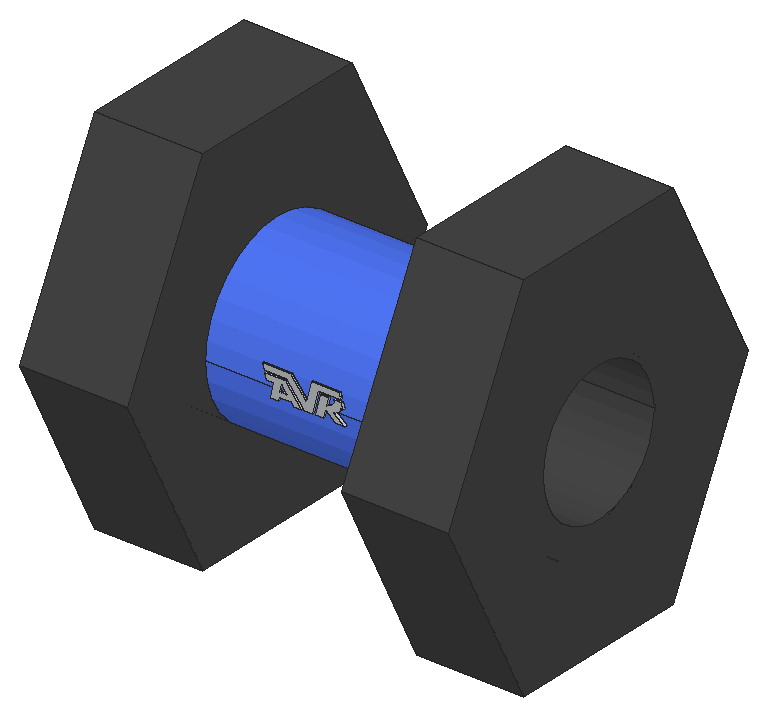
Revit family "631-00-001-DN50-700", category Pipe Accessories, Revit 2019
Family settings
  Round Connector Dimension = Use Diameter
  Part Type = Valve - Breaks Into
  Work Plane-Based = No
  Always vertical = No
  Cut with Voids When Loaded = No
  Shared = No
Parameters (values of type "DN080_PN 16")
  Seal_range_ref = Seal_range * 2  # 94.00 mm
  Seal_range = size_lookup(Search_table, "Seal_range", 0.00 mm, DN) / 2  # 47.00 mm
  L_ref = L / 2  # 134.00 mm
  L = size_lookup(Search_table, "L", 0.00 mm, DN)  # 268.00 mm
  ID = size_lookup(Search_table, "DN", 0.00 mm, DN) / 2  # 40.00 mm
  H3_Ref = Seal_range + Body_wallthickness + 5.00 mm  # 62.00 mm
  H3 = size_lookup(Search_table, "H3", 0.00 mm, DN) / 2  # 100.00 mm
  DN = 80.00 mm
  Flange_thickness = size_lookup(Search_table, "Flange_Thickness", 0.00 mm, DN) / 2  # 9.50 mm
  Description_ = "AVK SUPA MAXI™ STRAIGHT COUPLING"
  DN_ref = Seal_range - 3.00 mm  # 44.00 mm
  DN700_PN16 = "631-745-00-6"
  DN600_PN16 = "631-652-00-6"
  DN500_PN16 = "631-552-00-6"
  DN400_PN16 = "631-442-00-6"
  DN150_PN16 = "631-188-00-6"
  DN125_PN16 = "631-161-00-6"
  DN080_PN 16 = "631-106-00-6"
  DN065_PN16 = "631-091-00-6"
  DN450_PN16 = "631-510-00-6"
  DN350_PN16 = "631-396-00-6"
  DN050_PN16 = "631-071-00-6"
  DN300_PN16 = "631-356-00-6"
  DN250_PN16 = "631-301-00-6"
  DN225_PN16 = "631-257-00-6"
  DN100_PN16 = "631-133-00-6"
  Search_table = "631-00-001-DN50-700"
  DN200_PN16 = "631-227-00-6"
  D = size_lookup(Search_table, "D", 0.00 mm, DN)  # 235.00 mm
  URL product pages = "https://www.avkvalves.com/P.aspx?no=631071006"
  Body_wallthickness = 10.00 mm  # constant formula
Types (17, lengths in mm): name | Seal_range_ref | Seal_range | L_ref | L | ID | H3_Ref | H3 | DN | Flange_thickness | DN_ref | D
  (no name) | 94.00 | 47.00 | 134.00 | 268.00 | 40.00 | 62.00 | 100.00 | 80.00 | 9.50 | 44.00 | 235.00
  DN050_PN16 | 60.00 | 30.00 | 127.50 | 255.00 | 25.00 | 45.00 | 82.50 | 50.00 | 9.50 | 27.00 | 200.00
  DN065_PN16 | 80.00 | 40.00 | 132.50 | 265.00 | 32.50 | 55.00 | 92.50 | 65.00 | 9.50 | 37.00 | 226.00
  DN080_PN 16 | 94.00 | 47.00 | 134.00 | 268.00 | 40.00 | 62.00 | 100.00 | 80.00 | 9.50 | 44.00 | 235.00
  DN100_PN16 | 119.00 | 59.50 | 144.50 | 289.00 | 50.00 | 74.50 | 114.50 | 100.00 | 9.50 | 56.50 | 268.00
  DN125_PN16 | 146.00 | 73.00 | 138.50 | 277.00 | 62.50 | 88.00 | 100.00 | 125.00 | 9.50 | 70.00 | 285.00
  DN150_PN16 | 174.00 | 87.00 | 157.00 | 314.00 | 75.00 | 102.00 | 114.50 | 150.00 | 9.50 | 84.00 | 340.00
  DN200_PN16 | 210.00 | 105.00 | 177.00 | 354.00 | 100.00 | 120.00 | 142.50 | 200.00 | 9.50 | 102.00 | 389.00
  DN225_PN16 | 241.00 | 120.50 | 195.00 | 390.00 | 112.50 | 135.50 | 142.50 | 225.00 | 10.00 | 117.50 | 437.00
  DN250_PN16 | 284.00 | 142.00 | 190.50 | 381.00 | 125.00 | 157.00 | 171.50 | 250.00 | 11.00 | 139.00 | 476.00
  DN300_PN16 | 335.00 | 167.50 | 219.00 | 438.00 | 150.00 | 182.50 | 203.00 | 300.00 | 12.25 | 164.50 | 545.00
  DN350_PN16 | 376.00 | 188.00 | 256.50 | 513.00 | 175.00 | 203.00 | 171.50 | 350.00 | 13.25 | 185.00 | 612.00
  DN400_PN16 | 417.00 | 208.50 | 263.00 | 526.00 | 200.00 | 223.50 | 203.00 | 400.00 | 14.00 | 205.50 | 661.00
  DN450_PN16 | 479.00 | 239.50 | 383.50 | 767.00 | 225.00 | 254.50 | 241.50 | 450.00 | 15.00 | 236.50 | 740.00
  DN500_PN16 | 525.00 | 262.50 | 384.50 | 769.00 | 250.00 | 277.50 | 270.00 | 500.00 | 15.75 | 259.50 | 772.00
  DN600_PN16 | 628.00 | 314.00 | 383.50 | 767.00 | 300.00 | 329.00 | 298.50 | 600.00 | 15.75 | 311.00 | 872.00
  DN700_PN16 | 723.00 | 361.50 | 372.50 | 745.00 | 350.00 | 376.50 | 330.00 | 700.00 | 18.00 | 358.50 | 991.00
Reference planes
  plane 1 "Center (Front/Back)": y = 0
  plane 2: z = 0
  plane 3 "Center (Left/Right)": x = 0
  plane 4: y = 117.5
  plane 5: y = -117.5
  plane 6: through (0, 0, 0) normal (0, 0.7071, 0.7071)
  plane 7: through (0, 0, 0) normal (0, 0.7071, -0.7071)
  plane 8: z = 117.5
  plane 9: z = -117.5
  plane 10: y = 58.75
  plane 11: y = -58.75
  plane 12: x = 122.5
  plane 13: x = -134
  plane 14: x = -135.098
  plane 15: x = -67
  plane 16: x = 134
  plane 17: x = 135
  plane 18: x = 67.5
Forms (mm)
  Revolve 1, solid, material "Plastic"
    sketch origin (0, 0, 0) x (1, 0, 0) y (0, 1, 0)
      loop
        line (-124.5, 57) -> (-124.5, 62) -> (-134, 62) -> (-134, 47) -> (134, 47) -> (134, 62) -> (124.5, 62) -> (124.5, 57) -> (-124.5, 57)
      axis (-134, 0) -> (134, 0)
    angle from 0 to 360
  Extrusion 2, solid, material "Aluminum 1100-O"
    sketch origin (0, 0, 0) x (0, 1, 0) y (0, 0, 1)
      loop
        line (117.5, 0) -> (58.75, 117.5) -> (-58.75, 117.5) -> (-117.5, 0) -> (-58.75, -117.5) -> (58.75, -117.5) -> (117.5, 0)
      loop
        circle (0, 0) r 44
    from -135.098 to -67
  Extrusion 3, solid, material "Aluminum 1100-O"
    sketch origin (0, 0, 0) x (0, 1, 0) y (0, 0, 1)
      loop
        line (117.5, 0) -> (58.75, 117.5) -> (-58.75, 117.5) -> (-117.5, 0) -> (-58.75, -117.5) -> (58.75, -117.5) -> (117.5, 0)
      loop
        circle (0, 0) r 44
    from 67.5 to 135
Dimensions and locks
  equal spacing: Revolve 1 sketch curve, plane 3 "Center (Left/Right)", Revolve 1 sketch curve
  "L": Revolve 1 sketch curve to Revolve 1 sketch curve
  "Seal_range": plane 1 "Center (Front/Back)" to Revolve 1 sketch curve
  "Body_wallthickness": Revolve 1 sketch curve to Revolve 1 sketch curve
  "Flange_thickness": Revolve 1 sketch curve to Revolve 1 sketch curve  (x2)
  equal spacing: plane 4, plane 1 "Center (Front/Back)", plane 5
  "D": plane 4 to plane 5
  equal spacing: plane 8, level, plane 9
  "D": plane 8 to plane 9
  equal spacing: plane 10, plane 1 "Center (Front/Back)", plane 11
  equal spacing: plane 4, plane 10, plane 1 "Center (Front/Back)"
  locked: plane 13 to plane 14 at 1.098
  equal spacing: plane 3 "Center (Left/Right)", plane 15, plane 13
  "H3_Ref": plane 1 "Center (Front/Back)" to Revolve 1 sketch curve
  "L_ref": plane 3 "Center (Left/Right)" to plane 13
  "L_ref": plane 16 to plane 3 "Center (Left/Right)"
  locked: plane 17 to plane 16 at 1
  equal spacing: plane 17, plane 18, plane 3 "Center (Left/Right)"
  plane 16 to plane 13 = 268.00 mm
  plane 8 to plane 9 = 235.00 mm
  "DN_ref": radius of Extrusion 2 sketch curve
  equal spacing: plane 1 "Center (Front/Back)", plane 7, level
  equal spacing: level, plane 6, plane 1 "Center (Front/Back)"
  aligned and locked: level to plane 2
  aligned and locked: plane 1 "Center (Front/Back)" to Revolve 1 sketch curve
  aligned and locked: plane 8 to Extrusion 2 sketch curve  (x2)
  aligned and locked: plane 10 to Extrusion 2 sketch curve
  aligned and locked: plane 11 to Extrusion 2 sketch curve
  aligned and locked: level to Extrusion 2 sketch curve  (x2)
  aligned and locked: plane 5 to Extrusion 2 sketch curve
  aligned and locked: plane 9 to Extrusion 2 sketch curve  (x2)
  aligned and locked: Extrusion 2 sketch curve to plane 11
  aligned and locked: Extrusion 2 sketch curve to plane 10
  aligned and locked: plane 4 to Extrusion 2 sketch curve
  aligned and locked: Extrusion 2 to plane 14
  aligned and locked: Extrusion 2 to plane 15
  aligned and locked: plane 3 "Center (Left/Right)" to nested 1
  aligned and locked: Revolve 1 sketch curve to Revolve 1 sketch curve
  aligned and locked: Extrusion 3 sketch curve to Extrusion 2  (x8)
  aligned and locked: plane 17 to Extrusion 3
  aligned and locked: Extrusion 3 to plane 18
Automatic sketch dimensions
  Extrusion 2 sketch curve to level = 0.00 mm
  Extrusion 2 sketch curve to plane 1 "Center (Front/Back)" = 0.00 mm
  Revolve 1 sketch curve to plane 3 "Center (Left/Right)" = 24.00 mm
  plane 3 "Center (Left/Right)" to Revolve 1 sketch curve = 41.00 mm
Nested families
  nested 1: "LOGO - Copy - Copy.0001" at (0, -54.917, -15.268) x (1, 0, 0) z (0, -0.9635, -0.2679), type "LOGO - Copy - Copy.0001"
Connectors
  piping at (135, 0, 0), diameter 94, driven by "Seal_range_ref"
    settings: on Extrusion 3, index 1, connector inside diameter 609.6 mm, connector length 0.00 mm, flow factor 0, pipe flow 0.0 L/s, pressure drop 0.0 Pa, fitting loss kfactor 0, connector angle 0.00°, fixture units 0, engagement length 0.00 mm, angle of deflection 0.00°, flow configuration 0, flow direction 0, fitting loss method 0, system type 7, joint type 0, gender type 0, connector reference index -1, connector utility 0, adjustable connector no, is connector primary yes, connector description ""
  piping at (-135.098, 0, 0), diameter 94, driven by "Seal_range_ref"
    settings: on Extrusion 2, index 2, connector inside diameter 609.6 mm, connector length 0.00 mm, flow factor 0, pipe flow 0.0 L/s, pressure drop 0.0 Pa, fitting loss kfactor 0, connector angle 0.00°, fixture units 0, engagement length 0.00 mm, angle of deflection 0.00°, flow configuration 0, flow direction 0, fitting loss method 0, system type 7, joint type 0, gender type 0, connector reference index -1, connector utility 0, adjustable connector no, is connector primary no, connector description ""
Definition of nested family "LOGO - Copy - Copy.0001"
  Parameters (values of type "LOGO - Copy - Copy.0001")
    Default Elevation = 1219.20 mm
  Reference planes
    plane 1 "Center (Front/Back)": y = 0
    plane 2: z = 0
    plane 3 "Center (Left/Right)": x = 0
  Forms (mm)
    Extrusion 1, solid
      sketch origin (0, 0, 0) x (1, 0, 0) y (0, 1, 0)
        loop
          line (-1219.2, 1219.2) -> (-1219.2, -1219.2) -> (1219.2, -1219.2) -> (1219.2, 1219.2) -> (-1219.2, 1219.2)
      from 0 to -304.8
    Extrusion 2, solid
      sketch origin (0, 0, 0) x (1, 0, 0) y (0, 1, 0)
        loop
          line (-6.514, 34.224) -> (-24, 34.224) -> (-24, 29.481) -> (-9.766, 29.481) -> (-2.391, 11.367) -> (2.391, 11.367) -> (9.766, 29.481) -> (24, 29.481) -> (24, 34.224) -> (6.514, 34.224) -> (0, 18.224) -> (-6.514, 34.224)
        loop
          line (-10.996, 27.653) -> (-24, 27.653) -> (-24, 23.081) -> (-19.503, 23.081) -> (-24, 11.367) -> (-18.92, 11.367) -> (-17.955, 13.881) -> (-10.51, 13.881) -> (-9.486, 11.367) -> (-4.365, 11.367) -> (-10.996, 27.653)
        loop
          line (-16.777, 18.224) -> (-12.278, 18.224) -> (-14.594, 23.912) -> (-16.777, 18.224)
        loop
          line (4.365, 11.367) -> (9.486, 11.367) -> (12.093, 17.77) -> (16.918, 11.367) -> (22.857, 11.367) -> (17.399, 18.61)
          arc (17.399, 18.61) -> (20.583, 20.18) -> (22.629, 23.081) r 7.2
          line (22.629, 23.081) -> (24, 23.081) -> (24, 27.653) -> (19.429, 27.653)
          arc (19.429, 27.653) -> (17.763, 23.526) -> (13.699, 21.714) r 5.943
          line (13.699, 21.714) -> (16.117, 27.653) -> (10.996, 27.653) -> (4.365, 11.367)
      from 0 to 1
  Dimensions and locks
    aligned and locked: plane 2 to Extrusion 1
    aligned and locked: level to Extrusion 1
    aligned and locked: Extrusion 2 sketch curve to import instance
